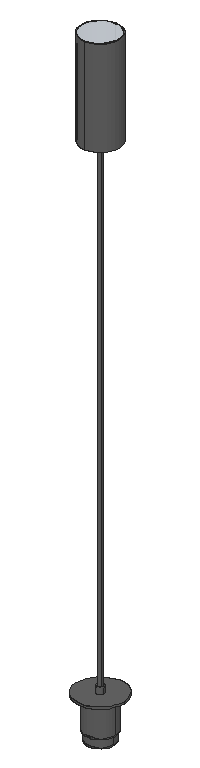
Revit family "LTC-4RDW-CM", category Lighting Fixtures, host Face, Revit 2014
Parameters (values of type "LTC-4RDW-CM")
  Wattage Comments = "8-52W"
  Wattage = 100 W
  Warranty = "• 5 year warranty\r\n• See HLI Standard Warranty for\r\nadditional information"  # constant formula
  built-in parameter 1150110 = 1 (stored number, unit not read)
  Voltage = 120 V
  built-in parameter 1114217 = 1 (stored number, unit not read)
  Tilt Angle = -90.00°  # constant formula
  built-in parameter 1150109 = 1 (stored number, unit not read)
  built-in parameter 1150134 = 3
  built-in parameter 1150113 = 1 (stored number, unit not read)
  Photometric Web File = "LTC-4RD-P-20L35K8MD-DM1-S-BL.ies"
  Features = "•\t4inch architectural LED round downlight and wall wash cylinder delivering 600 - 4000 lm\r\n•\t4 beam distributions from 0.4 to 1.2 Spacing Criteria\r\n•\tQuiet reflector appearance with 50º optical cutoff\r\n•\t2700K - 5000K, 80+ and 90+ CRI options\r\n•\tAvailable in Surface, Wall, Pendant, or Cord Mount configurations\r\n•\tVariety of dimming protocol options including 0-10V, DALI, DMX, Forward Phase and EcoSystem\r\n•\tNX Distributed Intelligence™ wired and wireless controls capability available\r\n•\t2 SDCM color consistency\r\n•\tLong life L90 at 55,000 hrs (TM-21)\r\n•\tFive year warranty\r\n\r\n"  # constant formula
  Cord Height = 72.000"  # constant formula
  built-in parameter 1150105 = 159.15 (stored number, unit not read)
  Lumens = 2000 lm
  built-in parameter 1150115 = 1 (stored number, unit not read)
  built-in parameter 1150137 = (empty or 0)
  built-in parameter 1150139 = (empty or 0)
  built-in parameter 1150112 = 1 (stored number, unit not read)
  built-in parameter 1150114 = 1 (stored number, unit not read)
  built-in parameter 1150132 = 2
  built-in parameter 1150102 = (empty or 0)
  built-in parameter 1150107 = 3200 (stored number, unit not read)
  built-in parameter 1150138 = (empty or 0)
  built-in parameter 1150106 = 1.5915 (stored number, unit not read)
  Emit from Circle Diameter = 5.600"  # constant formula
  Emit Shape Visible in Rendering = no
  built-in parameter 1150104 = 1.8581 (stored number, unit not read)
  Dimming Lamp Color Temperature Shift = <None>
  Copyright = "© 2019 Prescolite, a division of Hubbell Lighting, Inc"  # constant formula
  Contact us = "https://www.hubbell.com/prescolite/en/contactUs"
  Color Filter = 16777215
  Certifications = "• cCSAus certified to UL 1598\r\n• Wall Mount: Suitable for wet locations\r\n• Surface & Pendant Mount: Suitable for wet\r\nlocations under covered ceiling\r\n• Cord Mount and all Wall Wash: Suitable for\r\ndamp locations"  # constant formula
  built-in parameter 1114218 = 1 (stored number, unit not read)
  Ballast = Paint - Hubbell - Carbon Black
  URL = "http://www.prescolite.com/"
  Product Page URL = "https://www.hubbell.com/prescolite/en/Products/Lighting-Controls/Commercial-Indoor-Lighting/Cylinder/LITEISTRY-4-Round-Cylinder-DownlightWall-Wash/p/3775858"
  Product Documentation Link = "https://hubbellcdn.com/specsheet/LTC-4RDW.pdf"
  Model = "LTC-4RDW"  # constant formula
  Manufacturer = "Prescolite"  # constant formula
  Lamp = "LED Lamp"
  Reflector = Glass - Hubbell - Glass
  Description = "LITEISTRY™ 4inch Round Cylinder"  # constant formula
  Default Elevation = 48.000"
  built-in parameter 1150133 = 10 (stored number, unit not read)
  Apparent Load = 25 VA  # constant formula
Reference planes (in)
  plane 1 "Center (Front/Back)": y = 0
  plane 2: z = 0
  plane 3 "Center (Left/Right)": x = 0
  plane 4: z = 72
  plane 5: z = 71.75
  plane 6: x = -1
  plane 7: y = 1
  plane 8: x = 1
  plane 9: y = -1
  plane 10: z = 0.25
  plane 11: x = 3
  plane 12: x = -3
  plane 13: x = -2.75391
  plane 14: x = 2.75391
Forms (in)
  Revolve 1, solid, material "Paint - Hubbell - Carbon Black" <- "Ballast"
    sketch origin (0, 0, -5.91673) x (1, 0, 0) y (0, 0, 1)
      loop
        line (-0.5, 5.91673) -> (0, 5.91673) -> (0, 77.91673) -> (-0.38833, 77.91673) -> (-0.38833, 77.66673) -> (-0.25, 77.66673) -> (-0.25, 7.05345) -> (-0.5, 7.05345) -> (-0.5, 5.91673)
      axis (0, 77.91673) -> (0, 5.91673)
    angle from 0 to 360
  Extrusion 2, solid, material "Paint - Hubbell - Carbon Black" <- "Ballast"
    sketch origin (0, 0, 0) x (1, 0, 0) y (0, 1, 0)
      loop
        circle (0, 0) r 3.5
    from 0 to 0.25
  Revolve 3, solid, material "Paint - Hubbell - Carbon Black" <- "Ballast"
    sketch origin (0, 0, 0) x (1, 0, 0) y (0, 0, 1)
      loop
        line (0, -6) -> (0, 0.00055) -> (-2.5, 0.00055) -> (-2.5, -0.43712)
        arc (-2.5, -0.43712) -> (-2.48175, -0.48119) -> (-2.43767, -0.49945) r 0.06233
        line (-2.43767, -0.49945) -> (-2.30081, -0.49945)
        arc (-2.30081, -0.49945) -> (-2.26488, -0.51433) -> (-2.25, -0.55026) r 0.05081
        line (-2.25, -0.55026) -> (-2.25, -4.55877)
        arc (-2.25, -4.55877) -> (-2.2306, -4.6056) -> (-2.18377, -4.625) r 0.06623
        line (-2.18377, -4.625) -> (-2.03463, -4.625)
        arc (-2.03463, -4.625) -> (-2.01014, -4.63514) -> (-2, -4.65963) r 0.03463
        line (-2, -4.65963) -> (-2, -5.88059)
        arc (-2, -5.88059) -> (-1.96503, -5.96503) -> (-1.88059, -6) r 0.11941
        line (-1.88059, -6) -> (0, -6)
      axis (0, 0.00055) -> (0, -6)
    angle from 0 to 360
Cuts and joins
  joined: Revolve 1, Extrusion 2
Dimensions and locks (in)
  "Cord Height": plane 4 to host face
  locked: plane 4 to plane 5 at 0.25
  plane 6 to plane 3 "Center (Left/Right)" to plane 8 = 1.000" locked, 1.000" locked
  plane 7 to plane 1 "Center (Front/Back)" to plane 9 = 1.000" locked, 1.000" locked
  locked: plane 10 to level at 0.25
  host face to Revolve 3 sketch curve = 6.000"
  nested 1 to nested 1 = 5.60156"
  nested 1 to plane 4 = 14.000"
  aligned and locked: plane 2 to host face
  aligned and locked: Revolve 1 sketch curve to plane 4
  aligned and locked: Revolve 1 sketch curve to host face
  aligned and locked: plane 5 to Revolve 1 sketch curve
  aligned and locked: plane 3 "Center (Left/Right)" to nested 1
  aligned and locked: nested 1 to plane 1 "Center (Front/Back)"
  aligned and locked: Extrusion 2 to level
  aligned and locked: plane 10 to Extrusion 2
  aligned and locked: plane 3 "Center (Left/Right)" to imposter light
Automatic sketch dimensions
  host sketch curve to host sketch curve = 96.000"  (x2)
  Revolve 3 sketch curve to plane 3 "Center (Left/Right)" = 0.000"  (x2)
  plane 13 to Revolve 3 sketch curve = 0.87332"
  Revolve 3 sketch curve to Revolve 3 sketch curve = 0.11941"
  Revolve 3 sketch curve to Revolve 3 sketch curve = 0.03463"
  Revolve 3 sketch curve to Revolve 3 sketch curve = 0.14914"
  Revolve 3 sketch curve to Revolve 3 sketch curve = 0.06623"
  Revolve 3 sketch curve to Revolve 3 sketch curve = 0.05081"
  Revolve 3 sketch curve to Revolve 3 sketch curve = 0.13687"
  level to Revolve 3 sketch curve = 0.00055"
  plane 13 to Revolve 3 sketch curve = 0.25391"
  Revolve 3 sketch curve to Revolve 3 sketch curve = 1.22096"
  Revolve 3 sketch curve to level = 0.55026"
  Revolve 3 sketch curve to Revolve 3 sketch curve = 17.63999"
  plane 4 to Revolve 3 sketch curve = 31.07883"
  plane 1 "Center (Front/Back)" to Extrusion 2 sketch curve = 0.000"
  Extrusion 2 sketch curve to plane 3 "Center (Left/Right)" = 0.000"
  Revolve 1 sketch curve to plane 3 "Center (Left/Right)" = 0.000"  (x2)
  Revolve 1 sketch curve to plane 3 "Center (Left/Right)" = 0.250"
  Revolve 1 sketch curve to Revolve 1 sketch curve = 0.13833"
  Revolve 1 sketch curve to Revolve 1 sketch curve = 1.13672"
  Revolve 1 sketch curve to level = 13.75728"
  Revolve 1 sketch curve to Revolve 1 sketch curve = 7.74272"
  Revolve 1 sketch curve to Revolve 1 sketch curve = 0.250"
  radius of Extrusion 2 sketch curve = 3.500"
Nested families (in)
  nested 1: "LTC" at (0, 0, 72) x (0, 1, 0) z (0, 0, 1), Ballast <- "Ballast", Reflector <- "Reflector", type "6"
    with Reflector Glass - Hubbell - Glass, Ballast Paint - Hubbell - Carbon Black
Connectors (in)
  electrical at (0, 0, 0), driven by "Description", driven by "Voltage", driven by "Apparent Load"
    settings: index 1, voltage 120 V, apparent load 25 VA, apparent load phase1 0 VA, apparent load phase2 0 VA, apparent load phase3 0 VA, power factor 1, load classification "Other", number of poles 1, system type 30, power factor state 1, is connector primary yes, connector utility no, sub classification motor no, connector description "LITEISTRY™ 4inch Round Cylinder"
Definition of nested family "LTC"
  Parameters (values of type "6")
    Width = 5.60156"
    Wattage Comments = ""
    Lamp = ""
    Ballast [instance] = Finish - Hubbell - Aluminium
    URL = ""
    Product Page URL = ""
    Product Documentation Link = ""
    Model = ""
    Manufacturer Phone = ""
    Manufacturer Fax = ""
    Manufacturer = "Prescolite"
    Reflector [instance] = Glass - Hubbell - Glass
    Description = ""
    Default Elevation = 48.000"
  Reference planes (in)
    plane 1 "Center (Front/Back)": y = 0
    plane 2: z = 0
    plane 3 "Center (Left/Right)": x = 0
    plane 4: y = 7.75
    plane 5: y = -7.75
    plane 6: x = -2.80078
    plane 7: x = 2.80078
    plane 8: z = 14
    plane 9: z = 0.125
    plane 10: x = 2.67578
    plane 11: z = 13.875
  Forms (in)
    Extrusion 1, solid
      sketch origin (0, 0, 0) x (1, 0, 0) y (0, 1, 0)
        loop
          line (-48, 48) -> (-48, -48) -> (48, -48) -> (48, 48) -> (-48, 48)
      from 0 to -6
    Extrusion 2, solid, material "Glass - Hubbell - Glass" <- "Reflector"
      sketch origin (0, 0, 30.25) x (1, 0, 0) y (0, 1, 0)
        loop
          circle (0, 0) r 2.67578
      from -16.25 to -16.375
    Revolve 3, solid, material "Finish - Hubbell - Aluminium" <- "Ballast"
      sketch origin (0, 0, -1.25) x (1, 0, 0) y (0, 0, 1)
        loop
          line (2.80078, 15.25) -> (2.67578, 15.25) -> (2.67578, 1.375) -> (0, 1.375) -> (0, 1.25) -> (2.80078, 1.25) -> (2.80078, 15.25)
        axis (0, 15.25) -> (0, 1.25)
      angle from 0 to 360
  Dimensions and locks (in)
    locked: plane 4 to plane 1 "Center (Front/Back)" at 7.75
    locked: plane 5 to plane 1 "Center (Front/Back)" at 7.75
    "Width": plane 7 to plane 6
    plane 8 to Extrusion 1 = 14.000"
    locked: plane 8 to plane 11 at 0.125
    locked: plane 7 to plane 10 at 0.125
    equal spacing: plane 7, plane 3 "Center (Left/Right)", plane 6
    locked: plane 9 to Extrusion 1 at 0.125
    aligned and locked: plane 2 to Extrusion 1
    aligned and locked: Revolve 3 sketch curve to plane 3 "Center (Left/Right)"
    aligned and locked: plane 8 to Revolve 3 sketch curve
    aligned and locked: plane 9 to Revolve 3 sketch curve
    aligned and locked: Revolve 3 to Extrusion 2
    aligned and locked: Extrusion 2 to plane 11
    aligned and locked: Extrusion 2 sketch curve to Revolve 3
    aligned and locked: Revolve 3 sketch curve to plane 10
    aligned and locked: Revolve 3 sketch curve to plane 7
  Automatic sketch dimensions
    Extrusion 1 sketch curve to Extrusion 1 sketch curve = 96.000"  (x2)
    Revolve 3 sketch curve to plane 3 "Center (Left/Right)" = 0.000"
    Revolve 3 sketch curve to level = 10.000"
    Revolve 3 sketch curve to Revolve 3 sketch curve = 8.000"
    Revolve 3 sketch curve to plane 9 = 0.125"
